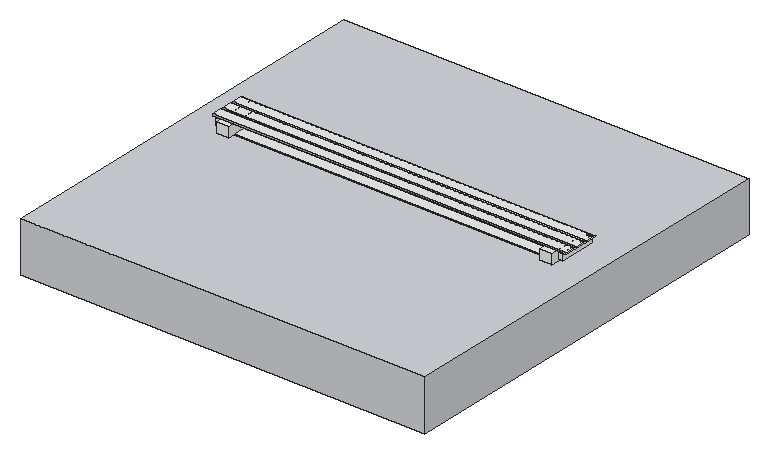
Revit family "Runtal-EB3-120D-120-Volts-84", category Mechanical Equipment, host Face, Revit 2026 (continued)
Definition of nested family "EB3_Plan_medium"
  Lines and regions (ft)
    detail lines, in view "Ref. Level", not visible, detail levels medium+fine
      curve 86: line (1.434987, -1.916819, 0) -> (1.434987, -1.793627, 0)
      curve 87: line (1.54957, -1.916819, 0) -> (1.434987, -1.916819, 0)
      curve 88: line (1.54957, -1.793627, 0) -> (1.54957, -1.916819, 0)
      curve 89: line (1.434987, -1.916819, 0) -> (1.54957, -1.916819, 0)
      curve 90: line (1.434987, -1.927236, 0) -> (1.434987, -1.916819, 0)
      curve 91: line (1.54957, -1.927236, 0) -> (1.434987, -1.927236, 0)
      curve 92: line (1.54957, -1.916819, 0) -> (1.54957, -1.927236, 0)
      curve 93: line (1.195403, -1.739736, 0) -> (1.195403, -1.749419, 0)
      curve 94: line (1.434987, -1.910569, 0) -> (1.434987, -1.810294, 0)
      curve 95: line (1.195403, -1.739736, 0) -> (1.434987, -1.739736, 0)
      curve 96: line (1.195403, -1.793627, 0) -> (1.195403, -1.739736, 0)
      curve 97: line (1.41832, -1.793627, 0) -> (1.195403, -1.793627, 0)
      curve 98: line (1.434987, -1.739736, 0) -> (1.434987, -1.793627, 0)
      curve 99: arc (1.434987, -1.810294, 0) -> (1.430105, -1.798509, 0) -> (1.41832, -1.793627, 0) r 0.016667
      curve 100: arc (1.41832, -1.927236, 0) -> (1.430105, -1.922354, 0) -> (1.434987, -1.910569, 0) r 0.016667
    detail lines, in view "Ref. Level", detail levels medium
      curve 38: line (2, -0.208333, 0) -> (-2, -0.208333, 0)
  Dimensions and locks (ft)
    equal spacing: plane 4, plane 3 "Center (Left/Right)", plane 5
    "width": plane 4 to plane 5
    locked: plane 4 to plane 6 at 0.177083
    locked: plane 7 to plane 5 at 0.177083
    locked: plane 6 to plane 8 at 0.239583
    locked: plane 9 to plane 7 at 0.239583
    aligned and locked: plane 4 to curve 4
    aligned and locked: plane 6 to curve 1
    aligned and locked: plane 5 to curve 11
    aligned and locked: plane 7 to curve 8
    aligned and locked: plane 6 to curve 5
    aligned and locked: plane 4 to curve 7
    aligned and locked: plane 5 to curve 7
    aligned and locked: curve 5 to curve 8
    aligned and locked: Masking region 1 sketch curve to curve 7
    aligned and locked: Masking region 1 sketch curve to curve 5
    aligned and locked: Masking region 1 sketch curve to curve 1
    aligned and locked: Masking region 1 sketch curve to curve 2
    aligned and locked: Masking region 1 sketch curve to curve 3
    aligned and locked: Masking region 1 sketch curve to curve 6
    aligned and locked: Masking region 1 sketch curve to curve 4
    aligned and locked: curve 8 to Masking region 1 sketch curve
    aligned and locked: Masking region 1 sketch curve to curve 9
    aligned and locked: Masking region 1 sketch curve to curve 11
    aligned and locked: plane 4 to curve 36
    aligned and locked: plane 4 to curve 38
    aligned and locked: plane 6 to curve 50
    aligned and locked: plane 6 to curve 53
    aligned and locked: curve 60 to plane 8
    aligned and locked: plane 8 to curve 51
    aligned and locked: curve 51 to plane 8
    aligned and locked: plane 5 to curve 39
    aligned and locked: plane 5 to curve 36
    aligned and locked: plane 5 to curve 38
    aligned and locked: plane 7 to curve 50
    aligned and locked: curve 56 to plane 9
    aligned and locked: curve 48 to plane 9
    aligned and locked: plane 7 to curve 53
  Automatic sketch dimensions
    plane 1 "Center (Front/Back)" to curve 7 = 0.208333 ft
    plane 1 "Center (Front/Back)" to curve 5 = 0.000 ft
    Masking region 1 sketch curve to Masking region 1 sketch curve = 0.0625 ft
    Masking region 1 sketch curve to Masking region 1 sketch curve = 0.020833 ft
    plane 1 "Center (Front/Back)" to curve 36 = 0.1875 ft
    plane 1 "Center (Front/Back)" to curve 38 = 0.208333 ft
    plane 1 "Center (Front/Back)" to curve 50 = 0.000 ft
    plane 1 "Center (Front/Back)" to curve 53 = 0.053891 ft
    curve 48 to plane 6 = 0.239583 ft
    plane 1 "Center (Front/Back)" to curve 48 = 0.009683 ft
Definition of nested family "Family Grilles"
  Parameters
    finLength = 1.416667 ft
    Right# = ((finLength - 0.033333 ft) / (0.016667 ft)) + 1  # 84
    Left# = ((finLength - 0.025 ft) / (0.016667 ft)) + 1  # 85
    Default Elevation = 4.000 ft
  Reference planes (ft)
    plane 1 "Center (Front/Back)": y = 0
    plane 2: z = 0
    plane 3 "Center (Left/Right)": x = 0
    plane 4: x = 1.416667
  Forms (ft)
    Extrusion 1, solid
      sketch origin (0, 0, 0) x (1, 0, 0) y (0, 1, 0)
        loop
          line (-4, 4) -> (-4, -4) -> (4, -4) -> (4, 4) -> (-4, 4)
      from 0 to -1
  Lines and regions (ft)
    model lines
      curve 1: circle (0.008333, 0.077083, 0) r 0.004167 normal (0, 0, 1)
      curve 2: circle (0.008333, 0.047917, 0) r 0.004167 normal (0, 0, 1)
      curve 3: circle (0.008333, 0.01875, 0) r 0.004167 normal (0, 0, 1)
      curve 4: circle (0.016667, 0.0625, 0) r 0.004167 normal (0, 0, 1)
      curve 5: circle (0.016667, 0.033333, 0) r 0.004167 normal (0, 0, 1)
      curve 6: circle (0.016667, 0.004167, 0) r 0.004167 normal (0, 0, 1)
      curve 13: circle (0.025, 0.077083, 0) r 0.004167 normal (0, 0, 1)
      curve 14: circle (0.025, 0.047917, 0) r 0.004167 normal (0, 0, 1)
      curve 15: circle (0.025, 0.01875, 0) r 0.004167 normal (0, 0, 1)
      curve 16: circle (0.033333, 0.0625, 0) r 0.004167 normal (0, 0, 1)
      curve 17: circle (0.033333, 0.033333, 0) r 0.004167 normal (0, 0, 1)
      curve 18: circle (0.033333, 0.004167, 0) r 0.004167 normal (0, 0, 1)
      curve 19: circle (0.05, 0.0625, 0) r 0.004167 normal (0, 0, 1)
      curve 20: circle (0.05, 0.033333, 0) r 0.004167 normal (0, 0, 1)
      curve 21: circle (0.05, 0.004167, 0) r 0.004167 normal (0, 0, 1)
      curve 22: circle (0.066667, 0.0625, 0) r 0.004167 normal (0, 0, 1)
      curve 23: circle (0.066667, 0.033333, 0) r 0.004167 normal (0, 0, 1)
      curve 24: circle (0.066667, 0.004167, 0) r 0.004167 normal (0, 0, 1)
      curve 25: circle (0.041667, 0.077083, 0) r 0.004167 normal (0, 0, 1)
      curve 26: circle (0.041667, 0.047917, 0) r 0.004167 normal (0, 0, 1)
      curve 27: circle (0.041667, 0.01875, 0) r 0.004167 normal (0, 0, 1)
      curve 28: circle (0.058333, 0.077083, 0) r 0.004167 normal (0, 0, 1)
      curve 29: circle (0.058333, 0.047917, 0) r 0.004167 normal (0, 0, 1)
      curve 30: circle (0.058333, 0.01875, 0) r 0.004167 normal (0, 0, 1)
      curve 31: circle (0.075, 0.077083, 0) r 0.004167 normal (0, 0, 1)
      curve 32: circle (0.075, 0.047917, 0) r 0.004167 normal (0, 0, 1)
      curve 33: circle (0.075, 0.01875, 0) r 0.004167 normal (0, 0, 1)
      curve 34: circle (0.091667, 0.077083, 0) r 0.004167 normal (0, 0, 1)
      curve 35: circle (0.091667, 0.047917, 0) r 0.004167 normal (0, 0, 1)
      curve 36: circle (0.091667, 0.01875, 0) r 0.004167 normal (0, 0, 1)
      curve 37: circle (0.108333, 0.077083, 0) r 0.004167 normal (0, 0, 1)
      curve 38: circle (0.108333, 0.047917, 0) r 0.004167 normal (0, 0, 1)
      curve 39: circle (0.108333, 0.01875, 0) r 0.004167 normal (0, 0, 1)
      curve 40: circle (0.125, 0.077083, 0) r 0.004167 normal (0, 0, 1)
      curve 41: circle (0.125, 0.047917, 0) r 0.004167 normal (0, 0, 1)
      curve 42: circle (0.125, 0.01875, 0) r 0.004167 normal (0, 0, 1)
      curve 43: circle (0.141667, 0.077083, 0) r 0.004167 normal (0, 0, 1)
      curve 44: circle (0.141667, 0.047917, 0) r 0.004167 normal (0, 0, 1)
      curve 45: circle (0.141667, 0.01875, 0) r 0.004167 normal (0, 0, 1)
      curve 46: circle (0.158333, 0.077083, 0) r 0.004167 normal (0, 0, 1)
      curve 47: circle (0.158333, 0.047917, 0) r 0.004167 normal (0, 0, 1)
      curve 48: circle (0.158333, 0.01875, 0) r 0.004167 normal (0, 0, 1)
      curve 49: circle (0.175, 0.077083, 0) r 0.004167 normal (0, 0, 1)
      curve 50: circle (0.175, 0.047917, 0) r 0.004167 normal (0, 0, 1)
      curve 51: circle (0.175, 0.01875, 0) r 0.004167 normal (0, 0, 1)
      curve 52: circle (0.191667, 0.077083, 0) r 0.004167 normal (0, 0, 1)
      curve 53: circle (0.191667, 0.047917, 0) r 0.004167 normal (0, 0, 1)
      curve 54: circle (0.191667, 0.01875, 0) r 0.004167 normal (0, 0, 1)
      curve 55: circle (0.208333, 0.077083, 0) r 0.004167 normal (0, 0, 1)
      curve 56: circle (0.208333, 0.047917, 0) r 0.004167 normal (0, 0, 1)
      curve 57: circle (0.208333, 0.01875, 0) r 0.004167 normal (0, 0, 1)
      curve 58: circle (0.225, 0.077083, 0) r 0.004167 normal (0, 0, 1)
      curve 59: circle (0.225, 0.047917, 0) r 0.004167 normal (0, 0, 1)
      curve 60: circle (0.225, 0.01875, 0) r 0.004167 normal (0, 0, 1)
      curve 61: circle (0.241667, 0.077083, 0) r 0.004167 normal (0, 0, 1)
      curve 62: circle (0.241667, 0.047917, 0) r 0.004167 normal (0, 0, 1)
      curve 63: circle (0.241667, 0.01875, 0) r 0.004167 normal (0, 0, 1)
      curve 64: circle (0.258333, 0.077083, 0) r 0.004167 normal (0, 0, 1)
      curve 65: circle (0.258333, 0.047917, 0) r 0.004167 normal (0, 0, 1)
      curve 66: circle (0.258333, 0.01875, 0) r 0.004167 normal (0, 0, 1)
      curve 67: circle (0.275, 0.077083, 0) r 0.004167 normal (0, 0, 1)
      curve 68: circle (0.275, 0.047917, 0) r 0.004167 normal (0, 0, 1)
      curve 69: circle (0.275, 0.01875, 0) r 0.004167 normal (0, 0, 1)
      curve 70: circle (0.291667, 0.077083, 0) r 0.004167 normal (0, 0, 1)
      curve 71: circle (0.291667, 0.047917, 0) r 0.004167 normal (0, 0, 1)
      curve 72: circle (0.291667, 0.01875, 0) r 0.004167 normal (0, 0, 1)
      curve 73: circle (0.308333, 0.077083, 0) r 0.004167 normal (0, 0, 1)
      curve 74: circle (0.308333, 0.047917, 0) r 0.004167 normal (0, 0, 1)
      curve 75: circle (0.308333, 0.01875, 0) r 0.004167 normal (0, 0, 1)
      curve 76: circle (0.325, 0.077083, 0) r 0.004167 normal (0, 0, 1)
      curve 77: circle (0.325, 0.047917, 0) r 0.004167 normal (0, 0, 1)
      curve 78: circle (0.325, 0.01875, 0) r 0.004167 normal (0, 0, 1)
      curve 79: circle (0.341667, 0.077083, 0) r 0.004167 normal (0, 0, 1)
      curve 80: circle (0.341667, 0.047917, 0) r 0.004167 normal (0, 0, 1)
      curve 81: circle (0.341667, 0.01875, 0) r 0.004167 normal (0, 0, 1)
      curve 82: circle (0.358333, 0.077083, 0) r 0.004167 normal (0, 0, 1)
      curve 83: circle (0.358333, 0.047917, 0) r 0.004167 normal (0, 0, 1)
      curve 84: circle (0.358333, 0.01875, 0) r 0.004167 normal (0, 0, 1)
      curve 85: circle (0.375, 0.077083, 0) r 0.004167 normal (0, 0, 1)
      curve 86: circle (0.375, 0.047917, 0) r 0.004167 normal (0, 0, 1)
      curve 87: circle (0.375, 0.01875, 0) r 0.004167 normal (0, 0, 1)
      curve 88: circle (0.391667, 0.077083, 0) r 0.004167 normal (0, 0, 1)
      curve 89: circle (0.391667, 0.047917, 0) r 0.004167 normal (0, 0, 1)
      curve 90: circle (0.391667, 0.01875, 0) r 0.004167 normal (0, 0, 1)
      curve 91: circle (0.408333, 0.077083, 0) r 0.004167 normal (0, 0, 1)
      curve 92: circle (0.408333, 0.047917, 0) r 0.004167 normal (0, 0, 1)
      curve 93: circle (0.408333, 0.01875, 0) r 0.004167 normal (0, 0, 1)
      curve 94: circle (0.425, 0.077083, 0) r 0.004167 normal (0, 0, 1)
      curve 95: circle (0.425, 0.047917, 0) r 0.004167 normal (0, 0, 1)
      curve 96: circle (0.425, 0.01875, 0) r 0.004167 normal (0, 0, 1)
      curve 97: circle (0.441667, 0.077083, 0) r 0.004167 normal (0, 0, 1)
      curve 98: circle (0.441667, 0.047917, 0) r 0.004167 normal (0, 0, 1)
      curve 99: circle (0.441667, 0.01875, 0) r 0.004167 normal (0, 0, 1)
      curve 100: circle (0.458333, 0.077083, 0) r 0.004167 normal (0, 0, 1)
      curve 101: circle (0.458333, 0.047917, 0) r 0.004167 normal (0, 0, 1)
      curve 102: circle (0.458333, 0.01875, 0) r 0.004167 normal (0, 0, 1)
      curve 103: circle (0.475, 0.077083, 0) r 0.004167 normal (0, 0, 1)
      curve 104: circle (0.475, 0.047917, 0) r 0.004167 normal (0, 0, 1)
      curve 105: circle (0.475, 0.01875, 0) r 0.004167 normal (0, 0, 1)
      curve 106: circle (0.491667, 0.077083, 0) r 0.004167 normal (0, 0, 1)
      curve 107: circle (0.491667, 0.047917, 0) r 0.004167 normal (0, 0, 1)
      curve 108: circle (0.491667, 0.01875, 0) r 0.004167 normal (0, 0, 1)
      curve 109: circle (0.508333, 0.077083, 0) r 0.004167 normal (0, 0, 1)
      curve 110: circle (0.508333, 0.047917, 0) r 0.004167 normal (0, 0, 1)
      curve 111: circle (0.508333, 0.01875, 0) r 0.004167 normal (0, 0, 1)
      curve 112: circle (0.525, 0.077083, 0) r 0.004167 normal (0, 0, 1)
      curve 113: circle (0.525, 0.047917, 0) r 0.004167 normal (0, 0, 1)
      curve 114: circle (0.525, 0.01875, 0) r 0.004167 normal (0, 0, 1)
      curve 115: circle (0.541667, 0.077083, 0) r 0.004167 normal (0, 0, 1)
      curve 116: circle (0.541667, 0.047917, 0) r 0.004167 normal (0, 0, 1)
      curve 117: circle (0.541667, 0.01875, 0) r 0.004167 normal (0, 0, 1)
      curve 118: circle (0.558333, 0.077083, 0) r 0.004167 normal (0, 0, 1)
      curve 119: circle (0.558333, 0.047917, 0) r 0.004167 normal (0, 0, 1)
      curve 120: circle (0.558333, 0.01875, 0) r 0.004167 normal (0, 0, 1)
      curve 121: circle (0.575, 0.077083, 0) r 0.004167 normal (0, 0, 1)
      curve 122: circle (0.575, 0.047917, 0) r 0.004167 normal (0, 0, 1)
      curve 123: circle (0.575, 0.01875, 0) r 0.004167 normal (0, 0, 1)
      curve 124: circle (0.591667, 0.077083, 0) r 0.004167 normal (0, 0, 1)
      curve 125: circle (0.591667, 0.047917, 0) r 0.004167 normal (0, 0, 1)
      curve 126: circle (0.591667, 0.01875, 0) r 0.004167 normal (0, 0, 1)
      curve 127: circle (0.608333, 0.077083, 0) r 0.004167 normal (0, 0, 1)
      curve 128: circle (0.608333, 0.047917, 0) r 0.004167 normal (0, 0, 1)
      curve 129: circle (0.608333, 0.01875, 0) r 0.004167 normal (0, 0, 1)
      curve 130: circle (0.625, 0.077083, 0) r 0.004167 normal (0, 0, 1)
      curve 131: circle (0.625, 0.047917, 0) r 0.004167 normal (0, 0, 1)
      curve 132: circle (0.625, 0.01875, 0) r 0.004167 normal (0, 0, 1)
      curve 133: circle (0.641667, 0.077083, 0) r 0.004167 normal (0, 0, 1)
      curve 134: circle (0.641667, 0.047917, 0) r 0.004167 normal (0, 0, 1)
      curve 135: circle (0.641667, 0.01875, 0) r 0.004167 normal (0, 0, 1)
      curve 136: circle (0.658333, 0.077083, 0) r 0.004167 normal (0, 0, 1)
      curve 137: circle (0.658333, 0.047917, 0) r 0.004167 normal (0, 0, 1)
      curve 138: circle (0.658333, 0.01875, 0) r 0.004167 normal (0, 0, 1)
      curve 139: circle (0.675, 0.077083, 0) r 0.004167 normal (0, 0, 1)
      curve 140: circle (0.675, 0.047917, 0) r 0.004167 normal (0, 0, 1)
      curve 141: circle (0.675, 0.01875, 0) r 0.004167 normal (0, 0, 1)
      curve 142: circle (0.691667, 0.077083, 0) r 0.004167 normal (0, 0, 1)
      curve 143: circle (0.691667, 0.047917, 0) r 0.004167 normal (0, 0, 1)
      curve 144: circle (0.691667, 0.01875, 0) r 0.004167 normal (0, 0, 1)
      curve 145: circle (0.708333, 0.077083, 0) r 0.004167 normal (0, 0, 1)
      curve 146: circle (0.708333, 0.047917, 0) r 0.004167 normal (0, 0, 1)
      curve 147: circle (0.708333, 0.01875, 0) r 0.004167 normal (0, 0, 1)
      curve 148: circle (0.725, 0.077083, 0) r 0.004167 normal (0, 0, 1)
      curve 149: circle (0.725, 0.047917, 0) r 0.004167 normal (0, 0, 1)
      curve 150: circle (0.725, 0.01875, 0) r 0.004167 normal (0, 0, 1)
      curve 151: circle (0.741667, 0.077083, 0) r 0.004167 normal (0, 0, 1)
      curve 152: circle (0.741667, 0.047917, 0) r 0.004167 normal (0, 0, 1)
      curve 153: circle (0.741667, 0.01875, 0) r 0.004167 normal (0, 0, 1)
      curve 154: circle (0.758333, 0.077083, 0) r 0.004167 normal (0, 0, 1)
      curve 155: circle (0.758333, 0.047917, 0) r 0.004167 normal (0, 0, 1)
      curve 156: circle (0.758333, 0.01875, 0) r 0.004167 normal (0, 0, 1)
      curve 157: circle (0.775, 0.077083, 0) r 0.004167 normal (0, 0, 1)
      curve 158: circle (0.775, 0.047917, 0) r 0.004167 normal (0, 0, 1)
      curve 159: circle (0.775, 0.01875, 0) r 0.004167 normal (0, 0, 1)
      curve 160: circle (0.791667, 0.077083, 0) r 0.004167 normal (0, 0, 1)
      curve 161: circle (0.791667, 0.047917, 0) r 0.004167 normal (0, 0, 1)
      curve 162: circle (0.791667, 0.01875, 0) r 0.004167 normal (0, 0, 1)
      curve 163: circle (0.808333, 0.077083, 0) r 0.004167 normal (0, 0, 1)
      curve 164: circle (0.808333, 0.047917, 0) r 0.004167 normal (0, 0, 1)
      curve 165: circle (0.808333, 0.01875, 0) r 0.004167 normal (0, 0, 1)
      curve 166: circle (0.825, 0.077083, 0) r 0.004167 normal (0, 0, 1)
      curve 167: circle (0.825, 0.047917, 0) r 0.004167 normal (0, 0, 1)
      curve 168: circle (0.825, 0.01875, 0) r 0.004167 normal (0, 0, 1)
      curve 169: circle (0.841667, 0.077083, 0) r 0.004167 normal (0, 0, 1)
      curve 170: circle (0.841667, 0.047917, 0) r 0.004167 normal (0, 0, 1)
      curve 171: circle (0.841667, 0.01875, 0) r 0.004167 normal (0, 0, 1)
      curve 172: circle (0.858333, 0.077083, 0) r 0.004167 normal (0, 0, 1)
      curve 173: circle (0.858333, 0.047917, 0) r 0.004167 normal (0, 0, 1)
      curve 174: circle (0.858333, 0.01875, 0) r 0.004167 normal (0, 0, 1)
      curve 175: circle (0.875, 0.077083, 0) r 0.004167 normal (0, 0, 1)
      curve 176: circle (0.875, 0.047917, 0) r 0.004167 normal (0, 0, 1)
      curve 177: circle (0.875, 0.01875, 0) r 0.004167 normal (0, 0, 1)
      curve 178: circle (0.891667, 0.077083, 0) r 0.004167 normal (0, 0, 1)
      curve 179: circle (0.891667, 0.047917, 0) r 0.004167 normal (0, 0, 1)
      curve 180: circle (0.891667, 0.01875, 0) r 0.004167 normal (0, 0, 1)
      curve 181: circle (0.908333, 0.077083, 0) r 0.004167 normal (0, 0, 1)
      curve 182: circle (0.908333, 0.047917, 0) r 0.004167 normal (0, 0, 1)
      curve 183: circle (0.908333, 0.01875, 0) r 0.004167 normal (0, 0, 1)
      curve 184: circle (0.925, 0.077083, 0) r 0.004167 normal (0, 0, 1)
      curve 185: circle (0.925, 0.047917, 0) r 0.004167 normal (0, 0, 1)
      curve 186: circle (0.925, 0.01875, 0) r 0.004167 normal (0, 0, 1)
      curve 187: circle (0.941667, 0.077083, 0) r 0.004167 normal (0, 0, 1)
      curve 188: circle (0.941667, 0.047917, 0) r 0.004167 normal (0, 0, 1)
      curve 189: circle (0.941667, 0.01875, 0) r 0.004167 normal (0, 0, 1)
      curve 190: circle (0.958333, 0.077083, 0) r 0.004167 normal (0, 0, 1)
      curve 191: circle (0.958333, 0.047917, 0) r 0.004167 normal (0, 0, 1)
      curve 192: circle (0.958333, 0.01875, 0) r 0.004167 normal (0, 0, 1)
      curve 193: circle (0.975, 0.077083, 0) r 0.004167 normal (0, 0, 1)
      curve 194: circle (0.975, 0.047917, 0) r 0.004167 normal (0, 0, 1)
      curve 195: circle (0.975, 0.01875, 0) r 0.004167 normal (0, 0, 1)
      curve 196: circle (0.991667, 0.077083, 0) r 0.004167 normal (0, 0, 1)
      curve 197: circle (0.991667, 0.047917, 0) r 0.004167 normal (0, 0, 1)
      curve 198: circle (0.991667, 0.01875, 0) r 0.004167 normal (0, 0, 1)
      curve 199: circle (1.008333, 0.077083, 0) r 0.004167 normal (0, 0, 1)
      curve 200: circle (1.008333, 0.047917, 0) r 0.004167 normal (0, 0, 1)
      curve 201: circle (1.008333, 0.01875, 0) r 0.004167 normal (0, 0, 1)
      curve 202: circle (1.025, 0.077083, 0) r 0.004167 normal (0, 0, 1)
      curve 203: circle (1.025, 0.047917, 0) r 0.004167 normal (0, 0, 1)
      curve 204: circle (1.025, 0.01875, 0) r 0.004167 normal (0, 0, 1)
      curve 205: circle (1.041667, 0.077083, 0) r 0.004167 normal (0, 0, 1)
      curve 206: circle (1.041667, 0.047917, 0) r 0.004167 normal (0, 0, 1)
      curve 207: circle (1.041667, 0.01875, 0) r 0.004167 normal (0, 0, 1)
      curve 208: circle (1.058333, 0.077083, 0) r 0.004167 normal (0, 0, 1)
      curve 209: circle (1.058333, 0.047917, 0) r 0.004167 normal (0, 0, 1)
      curve 210: circle (1.058333, 0.01875, 0) r 0.004167 normal (0, 0, 1)
      curve 211: circle (1.075, 0.077083, 0) r 0.004167 normal (0, 0, 1)
      curve 212: circle (1.075, 0.047917, 0) r 0.004167 normal (0, 0, 1)
      curve 213: circle (1.075, 0.01875, 0) r 0.004167 normal (0, 0, 1)
      curve 214: circle (1.091667, 0.077083, 0) r 0.004167 normal (0, 0, 1)
      curve 215: circle (1.091667, 0.047917, 0) r 0.004167 normal (0, 0, 1)
      curve 216: circle (1.091667, 0.01875, 0) r 0.004167 normal (0, 0, 1)
      curve 217: circle (1.108333, 0.077083, 0) r 0.004167 normal (0, 0, 1)
      curve 218: circle (1.108333, 0.047917, 0) r 0.004167 normal (0, 0, 1)
      curve 219: circle (1.108333, 0.01875, 0) r 0.004167 normal (0, 0, 1)
      curve 220: circle (1.125, 0.077083, 0) r 0.004167 normal (0, 0, 1)
      curve 221: circle (1.125, 0.047917, 0) r 0.004167 normal (0, 0, 1)
      curve 222: circle (1.125, 0.01875, 0) r 0.004167 normal (0, 0, 1)
      curve 223: circle (1.141667, 0.077083, 0) r 0.004167 normal (0, 0, 1)
      curve 224: circle (1.141667, 0.047917, 0) r 0.004167 normal (0, 0, 1)
      curve 225: circle (1.141667, 0.01875, 0) r 0.004167 normal (0, 0, 1)
      curve 226: circle (1.158333, 0.077083, 0) r 0.004167 normal (0, 0, 1)
      curve 227: circle (1.158333, 0.047917, 0) r 0.004167 normal (0, 0, 1)
      curve 228: circle (1.158333, 0.01875, 0) r 0.004167 normal (0, 0, 1)
      curve 229: circle (1.175, 0.077083, 0) r 0.004167 normal (0, 0, 1)
      curve 230: circle (1.175, 0.047917, 0) r 0.004167 normal (0, 0, 1)
      curve 231: circle (1.175, 0.01875, 0) r 0.004167 normal (0, 0, 1)
      curve 232: circle (1.191667, 0.077083, 0) r 0.004167 normal (0, 0, 1)
      curve 233: circle (1.191667, 0.047917, 0) r 0.004167 normal (0, 0, 1)
      curve 234: circle (1.191667, 0.01875, 0) r 0.004167 normal (0, 0, 1)
      curve 235: circle (1.208333, 0.077083, 0) r 0.004167 normal (0, 0, 1)
      curve 236: circle (1.208333, 0.047917, 0) r 0.004167 normal (0, 0, 1)
      curve 237: circle (1.208333, 0.01875, 0) r 0.004167 normal (0, 0, 1)
      curve 238: circle (1.225, 0.077083, 0) r 0.004167 normal (0, 0, 1)
      curve 239: circle (1.225, 0.047917, 0) r 0.004167 normal (0, 0, 1)
      curve 240: circle (1.225, 0.01875, 0) r 0.004167 normal (0, 0, 1)
      curve 241: circle (1.241667, 0.077083, 0) r 0.004167 normal (0, 0, 1)
      curve 242: circle (1.241667, 0.047917, 0) r 0.004167 normal (0, 0, 1)
      curve 243: circle (1.241667, 0.01875, 0) r 0.004167 normal (0, 0, 1)
      curve 244: circle (1.258333, 0.077083, 0) r 0.004167 normal (0, 0, 1)
      curve 245: circle (1.258333, 0.047917, 0) r 0.004167 normal (0, 0, 1)
      curve 246: circle (1.258333, 0.01875, 0) r 0.004167 normal (0, 0, 1)
      curve 247: circle (1.275, 0.077083, 0) r 0.004167 normal (0, 0, 1)
      curve 248: circle (1.275, 0.047917, 0) r 0.004167 normal (0, 0, 1)
      curve 249: circle (1.275, 0.01875, 0) r 0.004167 normal (0, 0, 1)
      curve 250: circle (1.291667, 0.077083, 0) r 0.004167 normal (0, 0, 1)
      curve 251: circle (1.291667, 0.047917, 0) r 0.004167 normal (0, 0, 1)
      curve 252: circle (1.291667, 0.01875, 0) r 0.004167 normal (0, 0, 1)
      curve 253: circle (1.308333, 0.077083, 0) r 0.004167 normal (0, 0, 1)
      curve 254: circle (1.308333, 0.047917, 0) r 0.004167 normal (0, 0, 1)
      curve 255: circle (1.308333, 0.01875, 0) r 0.004167 normal (0, 0, 1)
      curve 256: circle (1.325, 0.077083, 0) r 0.004167 normal (0, 0, 1)
      curve 257: circle (1.325, 0.047917, 0) r 0.004167 normal (0, 0, 1)
      curve 258: circle (1.325, 0.01875, 0) r 0.004167 normal (0, 0, 1)
      curve 259: circle (1.341667, 0.077083, 0) r 0.004167 normal (0, 0, 1)
      curve 260: circle (1.341667, 0.047917, 0) r 0.004167 normal (0, 0, 1)
      curve 261: circle (1.341667, 0.01875, 0) r 0.004167 normal (0, 0, 1)
      curve 262: circle (1.358333, 0.077083, 0) r 0.004167 normal (0, 0, 1)
      curve 263: circle (1.358333, 0.047917, 0) r 0.004167 normal (0, 0, 1)
      curve 264: circle (1.358333, 0.01875, 0) r 0.004167 normal (0, 0, 1)
      curve 265: circle (1.375, 0.077083, 0) r 0.004167 normal (0, 0, 1)
      curve 266: circle (1.375, 0.047917, 0) r 0.004167 normal (0, 0, 1)
      curve 267: circle (1.375, 0.01875, 0) r 0.004167 normal (0, 0, 1)
      curve 268: circle (1.391667, 0.077083, 0) r 0.004167 normal (0, 0, 1)
      curve 269: circle (1.391667, 0.047917, 0) r 0.004167 normal (0, 0, 1)
      curve 270: circle (1.391667, 0.01875, 0) r 0.004167 normal (0, 0, 1)
      curve 271: circle (1.408333, 0.077083, 0) r 0.004167 normal (0, 0, 1)
      curve 272: circle (1.408333, 0.047917, 0) r 0.004167 normal (0, 0, 1)
      curve 273: circle (1.408333, 0.01875, 0) r 0.004167 normal (0, 0, 1)
      curve 274: circle (0.083333, 0.0625, 0) r 0.004167 normal (0, 0, 1)
      curve 275: circle (0.083333, 0.033333, 0) r 0.004167 normal (0, 0, 1)
      curve 276: circle (0.083333, 0.004167, 0) r 0.004167 normal (0, 0, 1)
      curve 277: circle (0.1, 0.0625, 0) r 0.004167 normal (0, 0, 1)
      curve 278: circle (0.1, 0.033333, 0) r 0.004167 normal (0, 0, 1)
      curve 279: circle (0.1, 0.004167, 0) r 0.004167 normal (0, 0, 1)
      curve 280: circle (0.116667, 0.0625, 0) r 0.004167 normal (0, 0, 1)
      curve 281: circle (0.116667, 0.033333, 0) r 0.004167 normal (0, 0, 1)
      curve 282: circle (0.116667, 0.004167, 0) r 0.004167 normal (0, 0, 1)
      curve 283: circle (0.133333, 0.0625, 0) r 0.004167 normal (0, 0, 1)
      curve 284: circle (0.133333, 0.033333, 0) r 0.004167 normal (0, 0, 1)
      curve 285: circle (0.133333, 0.004167, 0) r 0.004167 normal (0, 0, 1)
      curve 286: circle (0.15, 0.0625, 0) r 0.004167 normal (0, 0, 1)
      curve 287: circle (0.15, 0.033333, 0) r 0.004167 normal (0, 0, 1)
      curve 288: circle (0.15, 0.004167, 0) r 0.004167 normal (0, 0, 1)
      curve 289: circle (0.166667, 0.0625, 0) r 0.004167 normal (0, 0, 1)
      curve 290: circle (0.166667, 0.033333, 0) r 0.004167 normal (0, 0, 1)
      curve 291: circle (0.166667, 0.004167, 0) r 0.004167 normal (0, 0, 1)
      curve 292: circle (0.183333, 0.0625, 0) r 0.004167 normal (0, 0, 1)
      curve 293: circle (0.183333, 0.033333, 0) r 0.004167 normal (0, 0, 1)
      curve 294: circle (0.183333, 0.004167, 0) r 0.004167 normal (0, 0, 1)
      curve 295: circle (0.2, 0.0625, 0) r 0.004167 normal (0, 0, 1)
      curve 296: circle (0.2, 0.033333, 0) r 0.004167 normal (0, 0, 1)
      curve 297: circle (0.2, 0.004167, 0) r 0.004167 normal (0, 0, 1)
      curve 298: circle (0.216667, 0.0625, 0) r 0.004167 normal (0, 0, 1)
      curve 299: circle (0.216667, 0.033333, 0) r 0.004167 normal (0, 0, 1)
      curve 300: circle (0.216667, 0.004167, 0) r 0.004167 normal (0, 0, 1)
      curve 301: circle (0.233333, 0.0625, 0) r 0.004167 normal (0, 0, 1)
      curve 302: circle (0.233333, 0.033333, 0) r 0.004167 normal (0, 0, 1)
      curve 303: circle (0.233333, 0.004167, 0) r 0.004167 normal (0, 0, 1)
      curve 304: circle (0.25, 0.0625, 0) r 0.004167 normal (0, 0, 1)
      curve 305: circle (0.25, 0.033333, 0) r 0.004167 normal (0, 0, 1)
      curve 306: circle (0.25, 0.004167, 0) r 0.004167 normal (0, 0, 1)
      curve 307: circle (0.266667, 0.0625, 0) r 0.004167 normal (0, 0, 1)
      curve 308: circle (0.266667, 0.033333, 0) r 0.004167 normal (0, 0, 1)
      curve 309: circle (0.266667, 0.004167, 0) r 0.004167 normal (0, 0, 1)
      curve 310: circle (0.283333, 0.0625, 0) r 0.004167 normal (0, 0, 1)
      curve 311: circle (0.283333, 0.033333, 0) r 0.004167 normal (0, 0, 1)
      curve 312: circle (0.283333, 0.004167, 0) r 0.004167 normal (0, 0, 1)
      curve 313: circle (0.3, 0.0625, 0) r 0.004167 normal (0, 0, 1)
      curve 314: circle (0.3, 0.033333, 0) r 0.004167 normal (0, 0, 1)
      curve 315: circle (0.3, 0.004167, 0) r 0.004167 normal (0, 0, 1)
      curve 316: circle (0.316667, 0.0625, 0) r 0.004167 normal (0, 0, 1)
      curve 317: circle (0.316667, 0.033333, 0) r 0.004167 normal (0, 0, 1)
      curve 318: circle (0.316667, 0.004167, 0) r 0.004167 normal (0, 0, 1)
      curve 319: circle (0.333333, 0.0625, 0) r 0.004167 normal (0, 0, 1)
      curve 320: circle (0.333333, 0.033333, 0) r 0.004167 normal (0, 0, 1)
      curve 321: circle (0.333333, 0.004167, 0) r 0.004167 normal (0, 0, 1)
      curve 322: circle (0.35, 0.0625, 0) r 0.004167 normal (0, 0, 1)
      curve 323: circle (0.35, 0.033333, 0) r 0.004167 normal (0, 0, 1)
      curve 324: circle (0.35, 0.004167, 0) r 0.004167 normal (0, 0, 1)
      curve 325: circle (0.366667, 0.0625, 0) r 0.004167 normal (0, 0, 1)
      curve 326: circle (0.366667, 0.033333, 0) r 0.004167 normal (0, 0, 1)
      curve 327: circle (0.366667, 0.004167, 0) r 0.004167 normal (0, 0, 1)
      curve 328: circle (0.383333, 0.0625, 0) r 0.004167 normal (0, 0, 1)
      curve 329: circle (0.383333, 0.033333, 0) r 0.004167 normal (0, 0, 1)
      curve 330: circle (0.383333, 0.004167, 0) r 0.004167 normal (0, 0, 1)
      curve 331: circle (0.4, 0.0625, 0) r 0.004167 normal (0, 0, 1)
      curve 332: circle (0.4, 0.033333, 0) r 0.004167 normal (0, 0, 1)
      curve 333: circle (0.4, 0.004167, 0) r 0.004167 normal (0, 0, 1)
      curve 334: circle (0.416667, 0.0625, 0) r 0.004167 normal (0, 0, 1)
      curve 335: circle (0.416667, 0.033333, 0) r 0.004167 normal (0, 0, 1)
      curve 336: circle (0.416667, 0.004167, 0) r 0.004167 normal (0, 0, 1)
      curve 337: circle (0.433333, 0.0625, 0) r 0.004167 normal (0, 0, 1)
      curve 338: circle (0.433333, 0.033333, 0) r 0.004167 normal (0, 0, 1)
      curve 339: circle (0.433333, 0.004167, 0) r 0.004167 normal (0, 0, 1)
      curve 340: circle (0.45, 0.0625, 0) r 0.004167 normal (0, 0, 1)
      curve 341: circle (0.45, 0.033333, 0) r 0.004167 normal (0, 0, 1)
      curve 342: circle (0.45, 0.004167, 0) r 0.004167 normal (0, 0, 1)
      curve 343: circle (0.466667, 0.0625, 0) r 0.004167 normal (0, 0, 1)
      curve 344: circle (0.466667, 0.033333, 0) r 0.004167 normal (0, 0, 1)
      curve 345: circle (0.466667, 0.004167, 0) r 0.004167 normal (0, 0, 1)
      curve 346: circle (0.483333, 0.0625, 0) r 0.004167 normal (0, 0, 1)
      curve 347: circle (0.483333, 0.033333, 0) r 0.004167 normal (0, 0, 1)
      curve 348: circle (0.483333, 0.004167, 0) r 0.004167 normal (0, 0, 1)
      curve 349: circle (0.5, 0.0625, 0) r 0.004167 normal (0, 0, 1)
      curve 350: circle (0.5, 0.033333, 0) r 0.004167 normal (0, 0, 1)
      curve 351: circle (0.5, 0.004167, 0) r 0.004167 normal (0, 0, 1)
      curve 352: circle (0.516667, 0.0625, 0) r 0.004167 normal (0, 0, 1)
      curve 353: circle (0.516667, 0.033333, 0) r 0.004167 normal (0, 0, 1)
      curve 354: circle (0.516667, 0.004167, 0) r 0.004167 normal (0, 0, 1)
      curve 355: circle (0.533333, 0.0625, 0) r 0.004167 normal (0, 0, 1)
      curve 356: circle (0.533333, 0.033333, 0) r 0.004167 normal (0, 0, 1)
      curve 357: circle (0.533333, 0.004167, 0) r 0.004167 normal (0, 0, 1)
      curve 358: circle (0.55, 0.0625, 0) r 0.004167 normal (0, 0, 1)
      curve 359: circle (0.55, 0.033333, 0) r 0.004167 normal (0, 0, 1)
      curve 360: circle (0.55, 0.004167, 0) r 0.004167 normal (0, 0, 1)
      curve 361: circle (0.566667, 0.0625, 0) r 0.004167 normal (0, 0, 1)
      curve 362: circle (0.566667, 0.033333, 0) r 0.004167 normal (0, 0, 1)
      curve 363: circle (0.566667, 0.004167, 0) r 0.004167 normal (0, 0, 1)
      curve 364: circle (0.583333, 0.0625, 0) r 0.004167 normal (0, 0, 1)
      curve 365: circle (0.583333, 0.033333, 0) r 0.004167 normal (0, 0, 1)
      curve 366: circle (0.583333, 0.004167, 0) r 0.004167 normal (0, 0, 1)
      curve 367: circle (0.6, 0.0625, 0) r 0.004167 normal (0, 0, 1)
      curve 368: circle (0.6, 0.033333, 0) r 0.004167 normal (0, 0, 1)
      curve 369: circle (0.6, 0.004167, 0) r 0.004167 normal (0, 0, 1)
      curve 370: circle (0.616667, 0.0625, 0) r 0.004167 normal (0, 0, 1)
      curve 371: circle (0.616667, 0.033333, 0) r 0.004167 normal (0, 0, 1)
      curve 372: circle (0.616667, 0.004167, 0) r 0.004167 normal (0, 0, 1)
      curve 373: circle (0.633333, 0.0625, 0) r 0.004167 normal (0, 0, 1)
      curve 374: circle (0.633333, 0.033333, 0) r 0.004167 normal (0, 0, 1)
      curve 375: circle (0.633333, 0.004167, 0) r 0.004167 normal (0, 0, 1)
      curve 376: circle (0.65, 0.0625, 0) r 0.004167 normal (0, 0, 1)
      curve 377: circle (0.65, 0.033333, 0) r 0.004167 normal (0, 0, 1)
      curve 378: circle (0.65, 0.004167, 0) r 0.004167 normal (0, 0, 1)
      curve 379: circle (0.666667, 0.0625, 0) r 0.004167 normal (0, 0, 1)
      curve 380: circle (0.666667, 0.033333, 0) r 0.004167 normal (0, 0, 1)
      curve 381: circle (0.666667, 0.004167, 0) r 0.004167 normal (0, 0, 1)
      curve 382: circle (0.683333, 0.0625, 0) r 0.004167 normal (0, 0, 1)
      curve 383: circle (0.683333, 0.033333, 0) r 0.004167 normal (0, 0, 1)
      curve 384: circle (0.683333, 0.004167, 0) r 0.004167 normal (0, 0, 1)
      curve 385: circle (0.7, 0.0625, 0) r 0.004167 normal (0, 0, 1)
      curve 386: circle (0.7, 0.033333, 0) r 0.004167 normal (0, 0, 1)
      curve 387: circle (0.7, 0.004167, 0) r 0.004167 normal (0, 0, 1)
      curve 388: circle (0.716667, 0.0625, 0) r 0.004167 normal (0, 0, 1)
      curve 389: circle (0.716667, 0.033333, 0) r 0.004167 normal (0, 0, 1)
      curve 390: circle (0.716667, 0.004167, 0) r 0.004167 normal (0, 0, 1)
      curve 391: circle (0.733333, 0.0625, 0) r 0.004167 normal (0, 0, 1)
      curve 392: circle (0.733333, 0.033333, 0) r 0.004167 normal (0, 0, 1)
      curve 393: circle (0.733333, 0.004167, 0) r 0.004167 normal (0, 0, 1)
      curve 394: circle (0.75, 0.0625, 0) r 0.004167 normal (0, 0, 1)
      curve 395: circle (0.75, 0.033333, 0) r 0.004167 normal (0, 0, 1)
      curve 396: circle (0.75, 0.004167, 0) r 0.004167 normal (0, 0, 1)
      curve 397: circle (0.766667, 0.0625, 0) r 0.004167 normal (0, 0, 1)
      curve 398: circle (0.766667, 0.033333, 0) r 0.004167 normal (0, 0, 1)
      curve 399: circle (0.766667, 0.004167, 0) r 0.004167 normal (0, 0, 1)
      curve 400: circle (0.783333, 0.0625, 0) r 0.004167 normal (0, 0, 1)
      curve 401: circle (0.783333, 0.033333, 0) r 0.004167 normal (0, 0, 1)
      curve 402: circle (0.783333, 0.004167, 0) r 0.004167 normal (0, 0, 1)
      curve 403: circle (0.8, 0.0625, 0) r 0.004167 normal (0, 0, 1)
      curve 404: circle (0.8, 0.033333, 0) r 0.004167 normal (0, 0, 1)
      curve 405: circle (0.8, 0.004167, 0) r 0.004167 normal (0, 0, 1)
      curve 406: circle (0.816667, 0.0625, 0) r 0.004167 normal (0, 0, 1)
      curve 407: circle (0.816667, 0.033333, 0) r 0.004167 normal (0, 0, 1)
      curve 408: circle (0.816667, 0.004167, 0) r 0.004167 normal (0, 0, 1)
      curve 409: circle (0.833333, 0.0625, 0) r 0.004167 normal (0, 0, 1)
      curve 410: circle (0.833333, 0.033333, 0) r 0.004167 normal (0, 0, 1)
      curve 411: circle (0.833333, 0.004167, 0) r 0.004167 normal (0, 0, 1)
      curve 412: circle (0.85, 0.0625, 0) r 0.004167 normal (0, 0, 1)
      curve 413: circle (0.85, 0.033333, 0) r 0.004167 normal (0, 0, 1)
      curve 414: circle (0.85, 0.004167, 0) r 0.004167 normal (0, 0, 1)
      curve 415: circle (0.866667, 0.0625, 0) r 0.004167 normal (0, 0, 1)
      curve 416: circle (0.866667, 0.033333, 0) r 0.004167 normal (0, 0, 1)
      curve 417: circle (0.866667, 0.004167, 0) r 0.004167 normal (0, 0, 1)
      curve 418: circle (0.883333, 0.0625, 0) r 0.004167 normal (0, 0, 1)
      curve 419: circle (0.883333, 0.033333, 0) r 0.004167 normal (0, 0, 1)
      curve 420: circle (0.883333, 0.004167, 0) r 0.004167 normal (0, 0, 1)
      curve 421: circle (0.9, 0.0625, 0) r 0.004167 normal (0, 0, 1)
      curve 422: circle (0.9, 0.033333, 0) r 0.004167 normal (0, 0, 1)
      curve 423: circle (0.9, 0.004167, 0) r 0.004167 normal (0, 0, 1)
      curve 424: circle (0.916667, 0.0625, 0) r 0.004167 normal (0, 0, 1)
      curve 425: circle (0.916667, 0.033333, 0) r 0.004167 normal (0, 0, 1)
      curve 426: circle (0.916667, 0.004167, 0) r 0.004167 normal (0, 0, 1)
      curve 427: circle (0.933333, 0.0625, 0) r 0.004167 normal (0, 0, 1)
      curve 428: circle (0.933333, 0.033333, 0) r 0.004167 normal (0, 0, 1)
      curve 429: circle (0.933333, 0.004167, 0) r 0.004167 normal (0, 0, 1)
      curve 430: circle (0.95, 0.0625, 0) r 0.004167 normal (0, 0, 1)
      curve 431: circle (0.95, 0.033333, 0) r 0.004167 normal (0, 0, 1)
      curve 432: circle (0.95, 0.004167, 0) r 0.004167 normal (0, 0, 1)
      curve 433: circle (0.966667, 0.0625, 0) r 0.004167 normal (0, 0, 1)
      curve 434: circle (0.966667, 0.033333, 0) r 0.004167 normal (0, 0, 1)
      curve 435: circle (0.966667, 0.004167, 0) r 0.004167 normal (0, 0, 1)
      curve 436: circle (0.983333, 0.0625, 0) r 0.004167 normal (0, 0, 1)
      curve 437: circle (0.983333, 0.033333, 0) r 0.004167 normal (0, 0, 1)
      curve 438: circle (0.983333, 0.004167, 0) r 0.004167 normal (0, 0, 1)
      curve 439: circle (1, 0.0625, 0) r 0.004167 normal (0, 0, 1)
      curve 440: circle (1, 0.033333, 0) r 0.004167 normal (0, 0, 1)
      curve 441: circle (1, 0.004167, 0) r 0.004167 normal (0, 0, 1)
      curve 442: circle (1.016667, 0.0625, 0) r 0.004167 normal (0, 0, 1)
      curve 443: circle (1.016667, 0.033333, 0) r 0.004167 normal (0, 0, 1)
      curve 444: circle (1.016667, 0.004167, 0) r 0.004167 normal (0, 0, 1)
      curve 445: circle (1.033333, 0.0625, 0) r 0.004167 normal (0, 0, 1)
      curve 446: circle (1.033333, 0.033333, 0) r 0.004167 normal (0, 0, 1)
      curve 447: circle (1.033333, 0.004167, 0) r 0.004167 normal (0, 0, 1)
      curve 448: circle (1.05, 0.0625, 0) r 0.004167 normal (0, 0, 1)
      curve 449: circle (1.05, 0.033333, 0) r 0.004167 normal (0, 0, 1)
      curve 450: circle (1.05, 0.004167, 0) r 0.004167 normal (0, 0, 1)
      curve 451: circle (1.066667, 0.0625, 0) r 0.004167 normal (0, 0, 1)
      curve 452: circle (1.066667, 0.033333, 0) r 0.004167 normal (0, 0, 1)
      curve 453: circle (1.066667, 0.004167, 0) r 0.004167 normal (0, 0, 1)
      curve 454: circle (1.083333, 0.0625, 0) r 0.004167 normal (0, 0, 1)
      curve 455: circle (1.083333, 0.033333, 0) r 0.004167 normal (0, 0, 1)
      curve 456: circle (1.083333, 0.004167, 0) r 0.004167 normal (0, 0, 1)
      curve 457: circle (1.1, 0.0625, 0) r 0.004167 normal (0, 0, 1)
      curve 458: circle (1.1, 0.033333, 0) r 0.004167 normal (0, 0, 1)
      curve 459: circle (1.1, 0.004167, 0) r 0.004167 normal (0, 0, 1)
      curve 460: circle (1.116667, 0.0625, 0) r 0.004167 normal (0, 0, 1)
      curve 461: circle (1.116667, 0.033333, 0) r 0.004167 normal (0, 0, 1)
      curve 462: circle (1.116667, 0.004167, 0) r 0.004167 normal (0, 0, 1)
      curve 463: circle (1.133333, 0.0625, 0) r 0.004167 normal (0, 0, 1)
      curve 464: circle (1.133333, 0.033333, 0) r 0.004167 normal (0, 0, 1)
      curve 465: circle (1.133333, 0.004167, 0) r 0.004167 normal (0, 0, 1)
      curve 466: circle (1.15, 0.0625, 0) r 0.004167 normal (0, 0, 1)
      curve 467: circle (1.15, 0.033333, 0) r 0.004167 normal (0, 0, 1)
      curve 468: circle (1.15, 0.004167, 0) r 0.004167 normal (0, 0, 1)
      curve 469: circle (1.166667, 0.0625, 0) r 0.004167 normal (0, 0, 1)
      curve 470: circle (1.166667, 0.033333, 0) r 0.004167 normal (0, 0, 1)
      curve 471: circle (1.166667, 0.004167, 0) r 0.004167 normal (0, 0, 1)
      curve 472: circle (1.183333, 0.0625, 0) r 0.004167 normal (0, 0, 1)
      curve 473: circle (1.183333, 0.033333, 0) r 0.004167 normal (0, 0, 1)
      curve 474: circle (1.183333, 0.004167, 0) r 0.004167 normal (0, 0, 1)
      curve 475: circle (1.2, 0.0625, 0) r 0.004167 normal (0, 0, 1)
      curve 476: circle (1.2, 0.033333, 0) r 0.004167 normal (0, 0, 1)
      curve 477: circle (1.2, 0.004167, 0) r 0.004167 normal (0, 0, 1)
      curve 478: circle (1.216667, 0.0625, 0) r 0.004167 normal (0, 0, 1)
      curve 479: circle (1.216667, 0.033333, 0) r 0.004167 normal (0, 0, 1)
      curve 480: circle (1.216667, 0.004167, 0) r 0.004167 normal (0, 0, 1)
      curve 481: circle (1.233333, 0.0625, 0) r 0.004167 normal (0, 0, 1)
      curve 482: circle (1.233333, 0.033333, 0) r 0.004167 normal (0, 0, 1)
      curve 483: circle (1.233333, 0.004167, 0) r 0.004167 normal (0, 0, 1)
      curve 484: circle (1.25, 0.0625, 0) r 0.004167 normal (0, 0, 1)
      curve 485: circle (1.25, 0.033333, 0) r 0.004167 normal (0, 0, 1)
      curve 486: circle (1.25, 0.004167, 0) r 0.004167 normal (0, 0, 1)
      curve 487: circle (1.266667, 0.0625, 0) r 0.004167 normal (0, 0, 1)
      curve 488: circle (1.266667, 0.033333, 0) r 0.004167 normal (0, 0, 1)
      curve 489: circle (1.266667, 0.004167, 0) r 0.004167 normal (0, 0, 1)
      curve 490: circle (1.283333, 0.0625, 0) r 0.004167 normal (0, 0, 1)
      curve 491: circle (1.283333, 0.033333, 0) r 0.004167 normal (0, 0, 1)
      curve 492: circle (1.283333, 0.004167, 0) r 0.004167 normal (0, 0, 1)
      curve 493: circle (1.3, 0.0625, 0) r 0.004167 normal (0, 0, 1)
      curve 494: circle (1.3, 0.033333, 0) r 0.004167 normal (0, 0, 1)
      curve 495: circle (1.3, 0.004167, 0) r 0.004167 normal (0, 0, 1)
      curve 496: circle (1.316667, 0.0625, 0) r 0.004167 normal (0, 0, 1)
      curve 497: circle (1.316667, 0.033333, 0) r 0.004167 normal (0, 0, 1)
      curve 498: circle (1.316667, 0.004167, 0) r 0.004167 normal (0, 0, 1)
      curve 499: circle (1.333333, 0.0625, 0) r 0.004167 normal (0, 0, 1)
      curve 500: circle (1.333333, 0.033333, 0) r 0.004167 normal (0, 0, 1)
      curve 501: circle (1.333333, 0.004167, 0) r 0.004167 normal (0, 0, 1)
      curve 502: circle (1.35, 0.0625, 0) r 0.004167 normal (0, 0, 1)
      curve 503: circle (1.35, 0.033333, 0) r 0.004167 normal (0, 0, 1)
      curve 504: circle (1.35, 0.004167, 0) r 0.004167 normal (0, 0, 1)
      curve 505: circle (1.366667, 0.0625, 0) r 0.004167 normal (0, 0, 1)
      curve 506: circle (1.366667, 0.033333, 0) r 0.004167 normal (0, 0, 1)
      curve 507: circle (1.366667, 0.004167, 0) r 0.004167 normal (0, 0, 1)
      curve 508: circle (1.383333, 0.0625, 0) r 0.004167 normal (0, 0, 1)
      curve 509: circle (1.383333, 0.033333, 0) r 0.004167 normal (0, 0, 1)
      curve 510: circle (1.383333, 0.004167, 0) r 0.004167 normal (0, 0, 1)
      curve 511: circle (1.4, 0.0625, 0) r 0.004167 normal (0, 0, 1)
      curve 512: circle (1.4, 0.033333, 0) r 0.004167 normal (0, 0, 1)
      curve 513: circle (1.4, 0.004167, 0) r 0.004167 normal (0, 0, 1)
    model lines, not visible
      curve 7: circle (0.008333, 0.077083, 0) r 0.004167 normal (0, 0, 1)
      curve 8: circle (0.008333, 0.047917, 0) r 0.004167 normal (0, 0, 1)
      curve 9: circle (0.008333, 0.01875, 0) r 0.004167 normal (0, 0, 1)
      curve 10: circle (0.016667, 0.0625, 0) r 0.004167 normal (0, 0, 1)
      curve 11: circle (0.016667, 0.033333, 0) r 0.004167 normal (0, 0, 1)
      curve 12: circle (0.016667, 0.004167, 0) r 0.004167 normal (0, 0, 1)
    model lines, detail levels fine
      curve 514: line (0.008333, 0.08125, 0) -> (0, 0.08125, 0)
  Dimensions and locks (ft)
    "finLength": plane 3 "Center (Left/Right)" to plane 4
    equal spacing: group 1, group 5, group 9, group 10, group 11, group 12, group 13, group 14, group 15, group 16, group 17, group 18, group 19, group 20, group 21, group 22, group 23, group 24, group 25, group 26, group 27, group 28, group 29, group 30, group 31, group 32, group 33, group 34, group 35, group 36, group 37, group 38, group 39, group 40, group 41, group 42, group 43, group 44, group 45, group 46, group 47, group 48, group 49, group 50, group 51, group 52, group 53, group 54, group 55, group 56, group 57, group 58, group 59, group 60, group 61, group 62, group 63, group 64, group 65, group 66, group 67, group 68, group 69, group 70, group 71, group 72, group 73, group 74, group 75, group 76, group 77, group 78, group 79, group 80, group 81, group 82, group 83, group 84, group 85, group 86, group 87, group 88, group 89, group 90, group 91  (x3)
    equal spacing: group 3, group 6, group 7, group 8, group 92, group 93, group 94, group 95, group 96, group 97, group 98, group 99, group 100, group 101, group 102, group 103, group 104, group 105, group 106, group 107, group 108, group 109, group 110, group 111, group 112, group 113, group 114, group 115, group 116, group 117, group 118, group 119, group 120, group 121, group 122, group 123, group 124, group 125, group 126, group 127, group 128, group 129, group 130, group 131, group 132, group 133, group 134, group 135, group 136, group 137, group 138, group 139, group 140, group 141, group 142, group 143, group 144, group 145, group 146, group 147, group 148, group 149, group 150, group 151, group 152, group 153, group 154, group 155, group 156, group 157, group 158, group 159, group 160, group 161, group 162, group 163, group 164, group 165, group 166, group 167, group 168, group 169, group 170, group 171  (x3)
    aligned and locked: plane 2 to Extrusion 1
    aligned and locked: level to Extrusion 1
  Automatic sketch dimensions
    Extrusion 1 sketch curve to Extrusion 1 sketch curve = 8.000 ft  (x2)
    curve 1 to curve 2 = 0.000 ft
    curve 2 to curve 1 = 0.029167 ft
    curve 3 to curve 2 = 0.000 ft
    curve 3 to curve 2 = 0.029167 ft
    curve 7 to curve 8 = 0.000 ft
    curve 8 to curve 7 = 0.029167 ft
    curve 9 to curve 8 = 0.000 ft
    curve 9 to curve 8 = 0.029167 ft
    curve 4 to curve 5 = 0.000 ft
    curve 5 to curve 4 = 0.029167 ft
    curve 6 to curve 5 = 0.000 ft
    curve 6 to curve 5 = 0.029167 ft
    curve 10 to curve 11 = 0.000 ft
    curve 11 to curve 10 = 0.029167 ft
    curve 12 to curve 11 = 0.000 ft
    curve 12 to curve 11 = 0.029167 ft
    curve 13 to curve 14 = 0.000 ft
    curve 14 to curve 13 = 0.029167 ft
    curve 15 to curve 14 = 0.000 ft
    curve 15 to curve 14 = 0.029167 ft
    curve 16 to curve 17 = 0.000 ft
    curve 17 to curve 16 = 0.029167 ft
    curve 18 to curve 17 = 0.000 ft
    curve 18 to curve 17 = 0.029167 ft
    curve 19 to curve 20 = 0.000 ft
    curve 20 to curve 19 = 0.029167 ft
    curve 21 to curve 20 = 0.000 ft
    curve 21 to curve 20 = 0.029167 ft
    curve 22 to curve 23 = 0.000 ft
    curve 23 to curve 22 = 0.029167 ft
    curve 24 to curve 23 = 0.000 ft
    curve 24 to curve 23 = 0.029167 ft
    curve 25 to curve 26 = 0.000 ft
    curve 26 to curve 25 = 0.029167 ft
    curve 27 to curve 26 = 0.000 ft
    curve 27 to curve 26 = 0.029167 ft
    curve 28 to curve 29 = 0.000 ft
    curve 29 to curve 28 = 0.029167 ft
    curve 30 to curve 29 = 0.000 ft
    curve 30 to curve 29 = 0.029167 ft
    curve 31 to curve 32 = 0.000 ft
    curve 32 to curve 31 = 0.029167 ft
    curve 33 to curve 32 = 0.000 ft
    curve 33 to curve 32 = 0.029167 ft
    curve 34 to curve 35 = 0.000 ft
    curve 35 to curve 34 = 0.029167 ft
    curve 36 to curve 35 = 0.000 ft
    curve 36 to curve 35 = 0.029167 ft
    curve 37 to curve 38 = 0.000 ft
    curve 38 to curve 37 = 0.029167 ft
    curve 39 to curve 38 = 0.000 ft
    curve 39 to curve 38 = 0.029167 ft
    curve 40 to curve 41 = 0.000 ft
    curve 41 to curve 40 = 0.029167 ft
    curve 42 to curve 41 = 0.000 ft
    curve 42 to curve 41 = 0.029167 ft
    curve 43 to curve 44 = 0.000 ft
    curve 44 to curve 43 = 0.029167 ft
    curve 45 to curve 44 = 0.000 ft
    curve 45 to curve 44 = 0.029167 ft
    curve 46 to curve 47 = 0.000 ft
    curve 47 to curve 46 = 0.029167 ft
    curve 48 to curve 47 = 0.000 ft
    curve 48 to curve 47 = 0.029167 ft
    curve 49 to curve 50 = 0.000 ft
    curve 50 to curve 49 = 0.029167 ft
    curve 51 to curve 50 = 0.000 ft
    curve 51 to curve 50 = 0.029167 ft
    curve 52 to curve 53 = 0.000 ft
    curve 53 to curve 52 = 0.029167 ft
    curve 54 to curve 53 = 0.000 ft
    curve 54 to curve 53 = 0.029167 ft
    curve 55 to curve 56 = 0.000 ft
    curve 56 to curve 55 = 0.029167 ft
    curve 57 to curve 56 = 0.000 ft
    curve 57 to curve 56 = 0.029167 ft
    curve 58 to curve 59 = 0.000 ft
    curve 59 to curve 58 = 0.029167 ft
    curve 60 to curve 59 = 0.000 ft
    curve 60 to curve 59 = 0.029167 ft
    curve 61 to curve 62 = 0.000 ft
    curve 62 to curve 61 = 0.029167 ft
    curve 63 to curve 62 = 0.000 ft
    curve 63 to curve 62 = 0.029167 ft
    curve 64 to curve 65 = 0.000 ft
    curve 65 to curve 64 = 0.029167 ft
    curve 66 to curve 65 = 0.000 ft
    curve 66 to curve 65 = 0.029167 ft
    curve 67 to curve 68 = 0.000 ft
    curve 68 to curve 67 = 0.029167 ft
    curve 69 to curve 68 = 0.000 ft
    curve 69 to curve 68 = 0.029167 ft
    curve 70 to curve 71 = 0.000 ft
    curve 71 to curve 70 = 0.029167 ft
    curve 72 to curve 71 = 0.000 ft
    curve 72 to curve 71 = 0.029167 ft
    curve 73 to curve 74 = 0.000 ft
    curve 74 to curve 73 = 0.029167 ft
    curve 75 to curve 74 = 0.000 ft
    curve 75 to curve 74 = 0.029167 ft
    curve 76 to curve 77 = 0.000 ft
    curve 77 to curve 76 = 0.029167 ft
    curve 78 to curve 77 = 0.000 ft
    curve 78 to curve 77 = 0.029167 ft
    curve 79 to curve 80 = 0.000 ft
    curve 80 to curve 79 = 0.029167 ft
    curve 81 to curve 80 = 0.000 ft
    curve 81 to curve 80 = 0.029167 ft
    curve 82 to curve 83 = 0.000 ft
    curve 83 to curve 82 = 0.029167 ft
    curve 84 to curve 83 = 0.000 ft
    curve 84 to curve 83 = 0.029167 ft
    curve 85 to curve 86 = 0.000 ft
    curve 86 to curve 85 = 0.029167 ft
    curve 87 to curve 86 = 0.000 ft
    curve 87 to curve 86 = 0.029167 ft
    curve 88 to curve 89 = 0.000 ft
    curve 89 to curve 88 = 0.029167 ft
    curve 90 to curve 89 = 0.000 ft
    curve 90 to curve 89 = 0.029167 ft
    curve 91 to curve 92 = 0.000 ft
    curve 92 to curve 91 = 0.029167 ft
    curve 93 to curve 92 = 0.000 ft
    curve 93 to curve 92 = 0.029167 ft
    curve 94 to curve 95 = 0.000 ft
    curve 95 to curve 94 = 0.029167 ft
    curve 96 to curve 95 = 0.000 ft
    curve 96 to curve 95 = 0.029167 ft
    curve 97 to curve 98 = 0.000 ft
    curve 98 to curve 97 = 0.029167 ft
    curve 99 to curve 98 = 0.000 ft
    curve 99 to curve 98 = 0.029167 ft
    curve 100 to curve 101 = 0.000 ft
    curve 101 to curve 100 = 0.029167 ft
    curve 102 to curve 101 = 0.000 ft
    curve 102 to curve 101 = 0.029167 ft
    curve 103 to curve 104 = 0.000 ft
    curve 104 to curve 103 = 0.029167 ft
    curve 105 to curve 104 = 0.000 ft
    curve 105 to curve 104 = 0.029167 ft
    curve 106 to curve 107 = 0.000 ft
    curve 107 to curve 106 = 0.029167 ft
    curve 108 to curve 107 = 0.000 ft
    curve 108 to curve 107 = 0.029167 ft
    curve 109 to curve 110 = 0.000 ft
    curve 110 to curve 109 = 0.029167 ft
    curve 111 to curve 110 = 0.000 ft
    curve 111 to curve 110 = 0.029167 ft
    curve 112 to curve 113 = 0.000 ft
    curve 113 to curve 112 = 0.029167 ft
    curve 114 to curve 113 = 0.000 ft
    curve 114 to curve 113 = 0.029167 ft
    curve 115 to curve 116 = 0.000 ft
    curve 116 to curve 115 = 0.029167 ft
    curve 117 to curve 116 = 0.000 ft
    curve 117 to curve 116 = 0.029167 ft
    curve 118 to curve 119 = 0.000 ft
    curve 119 to curve 118 = 0.029167 ft
    curve 120 to curve 119 = 0.000 ft
    curve 120 to curve 119 = 0.029167 ft
    curve 121 to curve 122 = 0.000 ft
    curve 122 to curve 121 = 0.029167 ft
    curve 123 to curve 122 = 0.000 ft
    curve 123 to curve 122 = 0.029167 ft
    curve 124 to curve 125 = 0.000 ft
    curve 125 to curve 124 = 0.029167 ft
    curve 126 to curve 125 = 0.000 ft
    curve 126 to curve 125 = 0.029167 ft
    curve 127 to curve 128 = 0.000 ft
    curve 128 to curve 127 = 0.029167 ft
    curve 129 to curve 128 = 0.000 ft
    curve 129 to curve 128 = 0.029167 ft
    curve 130 to curve 131 = 0.000 ft
    curve 131 to curve 130 = 0.029167 ft
    curve 132 to curve 131 = 0.000 ft
    curve 132 to curve 131 = 0.029167 ft
    curve 133 to curve 134 = 0.000 ft
    curve 134 to curve 133 = 0.029167 ft
    curve 135 to curve 134 = 0.000 ft
    curve 135 to curve 134 = 0.029167 ft
    curve 136 to curve 137 = 0.000 ft
    curve 137 to curve 136 = 0.029167 ft
    curve 138 to curve 137 = 0.000 ft
    curve 138 to curve 137 = 0.029167 ft
    curve 139 to curve 140 = 0.000 ft
    curve 140 to curve 139 = 0.029167 ft
    curve 141 to curve 140 = 0.000 ft
    curve 141 to curve 140 = 0.029167 ft
    curve 142 to curve 143 = 0.000 ft
    curve 143 to curve 142 = 0.029167 ft
    curve 144 to curve 143 = 0.000 ft
    curve 144 to curve 143 = 0.029167 ft
    curve 145 to curve 146 = 0.000 ft
    curve 146 to curve 145 = 0.029167 ft
    curve 147 to curve 146 = 0.000 ft
    curve 147 to curve 146 = 0.029167 ft
    curve 148 to curve 149 = 0.000 ft
    curve 149 to curve 148 = 0.029167 ft
    curve 150 to curve 149 = 0.000 ft
    curve 150 to curve 149 = 0.029167 ft
    curve 151 to curve 152 = 0.000 ft
    curve 152 to curve 151 = 0.029167 ft
    curve 153 to curve 152 = 0.000 ft
    curve 153 to curve 152 = 0.029167 ft
    curve 154 to curve 155 = 0.000 ft
    curve 155 to curve 154 = 0.029167 ft
    curve 156 to curve 155 = 0.000 ft
    curve 156 to curve 155 = 0.029167 ft
    curve 157 to curve 158 = 0.000 ft
    curve 158 to curve 157 = 0.029167 ft
    curve 159 to curve 158 = 0.000 ft
    curve 159 to curve 158 = 0.029167 ft
    curve 160 to curve 161 = 0.000 ft
    curve 161 to curve 160 = 0.029167 ft
    curve 162 to curve 161 = 0.000 ft
    curve 162 to curve 161 = 0.029167 ft
    curve 163 to curve 164 = 0.000 ft
    curve 164 to curve 163 = 0.029167 ft
    curve 165 to curve 164 = 0.000 ft
    curve 165 to curve 164 = 0.029167 ft
    curve 166 to curve 167 = 0.000 ft
    curve 167 to curve 166 = 0.029167 ft
    curve 168 to curve 167 = 0.000 ft
    curve 168 to curve 167 = 0.029167 ft
    curve 169 to curve 170 = 0.000 ft
    curve 170 to curve 169 = 0.029167 ft
    curve 171 to curve 170 = 0.000 ft
    curve 171 to curve 170 = 0.029167 ft
    curve 172 to curve 173 = 0.000 ft
    curve 173 to curve 172 = 0.029167 ft
    curve 174 to curve 173 = 0.000 ft
    curve 174 to curve 173 = 0.029167 ft
    curve 175 to curve 176 = 0.000 ft
    curve 176 to curve 175 = 0.029167 ft
    curve 177 to curve 176 = 0.000 ft
    curve 177 to curve 176 = 0.029167 ft
    curve 178 to curve 179 = 0.000 ft
    curve 179 to curve 178 = 0.029167 ft
    curve 180 to curve 179 = 0.000 ft
    curve 180 to curve 179 = 0.029167 ft
    curve 181 to curve 182 = 0.000 ft
    curve 182 to curve 181 = 0.029167 ft
    curve 183 to curve 182 = 0.000 ft
    curve 183 to curve 182 = 0.029167 ft
    curve 184 to curve 185 = 0.000 ft
    curve 185 to curve 184 = 0.029167 ft
    curve 186 to curve 185 = 0.000 ft
    curve 186 to curve 185 = 0.029167 ft
    curve 187 to curve 188 = 0.000 ft
    curve 188 to curve 187 = 0.029167 ft
    curve 189 to curve 188 = 0.000 ft
    curve 189 to curve 188 = 0.029167 ft
    curve 190 to curve 191 = 0.000 ft
    curve 191 to curve 190 = 0.029167 ft
    curve 192 to curve 191 = 0.000 ft
    curve 192 to curve 191 = 0.029167 ft
    curve 193 to curve 194 = 0.000 ft
    curve 194 to curve 193 = 0.029167 ft
    curve 195 to curve 194 = 0.000 ft
    curve 195 to curve 194 = 0.029167 ft
    curve 196 to curve 197 = 0.000 ft
    curve 197 to curve 196 = 0.029167 ft
    curve 198 to curve 197 = 0.000 ft
    curve 198 to curve 197 = 0.029167 ft
    curve 199 to curve 200 = 0.000 ft
    curve 200 to curve 199 = 0.029167 ft
    curve 201 to curve 200 = 0.000 ft
    curve 201 to curve 200 = 0.029167 ft
    curve 202 to curve 203 = 0.000 ft
    curve 203 to curve 202 = 0.029167 ft
